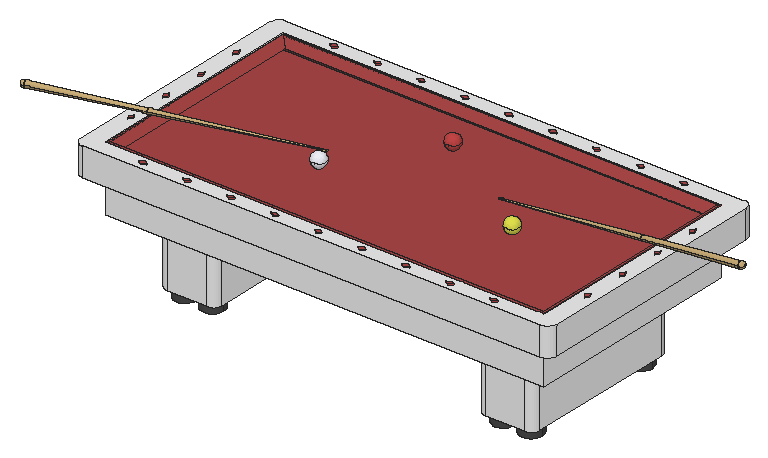
Revit family "RYN_FUR_BilliardBoard", category Generic Models, Revit 2025
Family settings
  Can host rebar = No
  Round Connector Dimension = Use Diameter
  Part Type = Normal
  Work Plane-Based = No
  Always vertical = Yes
  Cut with Voids When Loaded = No
  Maintain Annotation Orientation = No
  Shared = No
  Room Calculation Point = No
Parameters
  myf = ""
  Default Elevation = 0 mm
Reference planes
  plane 1 "Center (Front/Back)": y = 0
  plane 2: z = 0
  plane 3 "Center (Left/Right)": x = 0
  plane 4: y = -590
  plane 5: y = 590
  plane 6: x = -1170
  plane 7: x = 1170
  plane 8: x = -1270
  plane 9: x = 1270
  plane 10: y = -680
  plane 11: y = 680
  plane 12: x = -700
  plane 13: x = 700
  plane 14: x = -1000
  plane 15: x = 1000
  plane 16: y = 450
  plane 17: y = -450
  plane 18: x = -850
  plane 19: x = 850
  plane 20: x = -234
Forms (mm)
  Extrusion 1, solid, material "Pool table"
    sketch origin (0, 0, 0) x (1, 0, 0) y (0, 1, 0)
      loop
        arc (-1220, 680) -> (-1255.355, 665.355) -> (-1270, 630) r 50
        line (-1270, 630) -> (-1270, -630)
        arc (-1270, -630) -> (-1255.355, -665.355) -> (-1220, -680) r 50
        line (-1220, -680) -> (1220, -680)
        arc (1220, -680) -> (1255.355, -665.355) -> (1270, -630) r 50
        line (1270, -630) -> (1270, 630)
        arc (1270, 630) -> (1255.355, 665.355) -> (1220, 680) r 50
        line (1220, 680) -> (-1220, 680)
      loop
        line (1170, 590) -> (-1170, 590) -> (-1170, -590) -> (1170, -590) -> (1170, 590)
    from 600 to 750
  Extrusion 2, solid, material "pano billar"
    sketch origin (0, 0, 0) x (1, 0, 0) y (0, 1, 0)
      loop
        line (-1170, -590) -> (1170, -590) -> (1170, 590) -> (-1170, 590) -> (-1170, -590)
    from 650 to 680
  Sweep 3, solid, material "pano billar"
    path in 3D
      loop
        line (-1170, 590, 750) -> (1170, 590, 750) -> (1170, -590, 750) -> (-1170, -590, 750) -> (-1170, 590, 750)
    profile origin (-1170, 0, 750) x (-1, 0, 0) y (0, 0, 1)
      loop
        line (0, 0) -> (-10, 0) -> (-52.498, -35) -> (-10, -70) -> (0, -70) -> (0, 0)
  Extrusion 4, solid, material "Pool table"
    sketch origin (0, 0, 0) x (1, 0, 0) y (0, 1, 0)
      loop
        arc (-955, 450) -> (-986.82, 436.82) -> (-1000, 405) r 45
        line (-1000, 405) -> (-1000, -405)
        arc (-1000, -405) -> (-986.82, -436.82) -> (-955, -450) r 45
        line (-955, -450) -> (-745, -450)
        arc (-745, -450) -> (-713.18, -436.82) -> (-700, -405) r 45
        line (-700, -405) -> (-700, 405)
        arc (-700, 405) -> (-713.18, 436.82) -> (-745, 450) r 45
        line (-745, 450) -> (-955, 450)
    from 50 to 450
  Extrusion 5, solid, material "Pool table"
    sketch origin (1700, 0, 0) x (1, 0, 0) y (0, 1, 0)
      loop
        arc (-955, 450) -> (-986.82, 436.82) -> (-1000, 405) r 45
        line (-1000, 405) -> (-1000, -405)
        arc (-1000, -405) -> (-986.82, -436.82) -> (-955, -450) r 45
        line (-955, -450) -> (-745, -450)
        arc (-745, -450) -> (-713.18, -436.82) -> (-700, -405) r 45
        line (-700, -405) -> (-700, 405)
        arc (-700, 405) -> (-713.18, 436.82) -> (-745, 450) r 45
        line (-745, 450) -> (-955, 450)
    from 50 to 450
  Extrusion 6, solid, material "caucho pata n"
    sketch origin (0, 0, 0) x (1, 0, 0) y (0, 1, 0)
      loop
        circle (-922.479, 367.84) r 60
    from 0 to 50
  Extrusion 7, solid, material "caucho pata n"
    sketch origin (-1700, 0, 0) x (-1, 0, 0) y (0, -1, 0)
      loop
        circle (-922.479, -367.84) r 60
    from 0 to 50
  Extrusion 8, solid, material "caucho pata n"
    sketch origin (0, 0, 0) x (1, 0, 0) y (0, 1, 0)
      loop
        circle (-922.479, -367.84) r 60
    from 0 to 50
  Extrusion 9, solid, material "caucho pata n"
    sketch origin (-1700, 0, 0) x (-1, 0, 0) y (0, -1, 0)
      loop
        circle (-922.479, 367.84) r 60
    from 0 to 50
  Extrusion 10, solid, material "caucho pata n"
    sketch origin (1700, 0, 0) x (1, 0, 0) y (0, 1, 0)
      loop
        circle (-922.479, 367.84) r 60
    from 0 to 50
  Extrusion 11, solid, material "caucho pata n"
    sketch origin (0, 0, 0) x (-1, 0, 0) y (0, -1, 0)
      loop
        circle (-922.479, -367.84) r 60
    from 0 to 50
  Extrusion 12, solid, material "caucho pata n"
    sketch origin (1700, 0, 0) x (1, 0, 0) y (0, 1, 0)
      loop
        circle (-922.479, -367.84) r 60
    from 0 to 50
  Extrusion 13, solid, material "caucho pata n"
    sketch origin (0, 0, 0) x (-1, 0, 0) y (0, -1, 0)
      loop
        circle (-922.479, 367.84) r 60
    from 0 to 50
  Extrusion 14, solid, material "Pool table"
    sketch origin (0, 0, 0) x (1, 0, 0) y (0, 1, 0)
      loop
        line (-1170, 590) -> (-1170, -590) -> (1170, -590) -> (1170, 590) -> (-1170, 590)
      loop
        line (-1117.502, 537.502) -> (-1117.502, -537.502) -> (1117.502, -537.502) -> (1117.502, 537.502) -> (-1117.502, 537.502)
    from 400 to 650
  Extrusion 15, solid, material "Pool table"
    sketch origin (0, 0, 0) x (1, 0, 0) y (0, 1, 0)
      loop
        line (-1117.502, 537.502) -> (-1117.502, -537.502) -> (1117.502, -537.502) -> (1117.502, 537.502) -> (-1117.502, 537.502)
    from 450 to 550
  Revolve 16, solid, material "bola roja"
    sketch origin (707.632, 0, 717.052) x (1, 0, 0) y (0, 1, 0)
      loop
        arc (-784.1, 396.922) -> (-821.6, 359.422) -> (-784.1, 321.922) r 37.5
        line (-784.1, 321.922) -> (-784.1, 396.922)
      axis (-784.1, 396.922) -> (-784.1, 321.922)
    angle from 0 to 360
  Revolve 17, solid, material "bola blanca"
    sketch origin (366.716, -469.23, 717.052) x (1, 0, 0) y (0, 1, 0)
      loop
        arc (-784.1, 396.922) -> (-821.6, 359.422) -> (-784.1, 321.922) r 37.5
        line (-784.1, 321.922) -> (-784.1, 396.922)
      axis (-784.1, 396.922) -> (-784.1, 321.922)
    angle from 0 to 360
  Revolve 18, solid, material "bola amarilla"
    sketch origin (1344.329, -400.869, 717.052) x (1, 0, 0) y (0, 1, 0)
      loop
        arc (-784.1, 396.922) -> (-821.6, 359.422) -> (-784.1, 321.922) r 37.5
        line (-784.1, 321.922) -> (-784.1, 396.922)
      axis (-784.1, 396.922) -> (-784.1, 321.922)
    angle from 0 to 360
  Revolve 19, solid, material "clue"
    sketch origin (-39.594, 0, 666.304) x (0.994522, 0, 0.104528) y (0, 1, 0)
      loop
        line (406.591, 113.706) -> (1726.591, 113.706) -> (1726.591, 116.855)
        arc (1726.591, 116.855) -> (1719.984, 126.755) -> (1708.779, 130.771) r 18.971
        line (1708.779, 130.771) -> (1708.779, 120.771) -> (1705.154, 130.731) -> (1180.316, 124.869) -> (1180.316, 117.882) -> (1178.815, 117.882) -> (1178.815, 124.853) -> (409.242, 116.258) -> (409.242, 114.461) -> (408.384, 114.461) -> (408.384, 116.249) -> (406.591, 116.229) -> (406.591, 113.706)
      axis (406.591, 113.706) -> (1726.591, 113.706)
    angle from 0 to 360
  Revolve 20, solid, material "clue"
    sketch origin (-49.537, 79.212, 643.754) x (-0.887173, -0.442875, 0.129562) y (0.44664, -0.894714, 0)
      loop
        line (406.591, -113.706) -> (406.591, -116.229) -> (408.384, -116.249) -> (408.384, -114.461) -> (409.242, -114.461) -> (409.242, -116.258) -> (1178.815, -124.853) -> (1178.815, -117.882) -> (1180.316, -117.882) -> (1180.316, -124.869) -> (1705.154, -130.731) -> (1708.779, -120.771) -> (1708.779, -130.771)
        arc (1708.779, -130.771) -> (1719.984, -126.755) -> (1726.591, -116.855) r 18.971
        line (1726.591, -116.855) -> (1726.591, -113.706) -> (406.591, -113.706)
      axis (406.591, -113.706) -> (1726.591, -113.706)
    angle from 0 to 360
  Extrusion 21, solid, material "pano billar"
    sketch origin (0, 0, 0) x (1, 0, 0) y (0, 1, 0)
      loop
        line (0, 650) -> (-20.479, 635.661) -> (0, 623.837) -> (20.479, 635.661) -> (0, 650)
    from 750 to 753
  Extrusion 22, solid, material "pano billar"
    sketch origin (-234, 0, 0) x (1, 0, 0) y (0, 1, 0)
      loop
        line (0, 650) -> (-20.479, 635.661) -> (0, 623.837) -> (20.479, 635.661) -> (0, 650)
    from 750 to 753
  Extrusion 23, solid, material "pano billar"
    sketch origin (-468, 0, 0) x (1, 0, 0) y (0, 1, 0)
      loop
        line (0, 650) -> (-20.479, 635.661) -> (0, 623.837) -> (20.479, 635.661) -> (0, 650)
    from 750 to 753
  Extrusion 24, solid, material "pano billar"
    sketch origin (-702, 0, 0) x (1, 0, 0) y (0, 1, 0)
      loop
        line (0, 650) -> (-20.479, 635.661) -> (0, 623.837) -> (20.479, 635.661) -> (0, 650)
    from 750 to 753
  Extrusion 25, solid, material "pano billar"
    sketch origin (-936, 0, 0) x (1, 0, 0) y (0, 1, 0)
      loop
        line (0, 650) -> (-20.479, 635.661) -> (0, 623.837) -> (20.479, 635.661) -> (0, 650)
    from 750 to 753
  Extrusion 26, solid, material "pano billar"
    sketch origin (936, 0, 0) x (1, 0, 0) y (0, 1, 0)
      loop
        line (0, 650) -> (-20.479, 635.661) -> (0, 623.837) -> (20.479, 635.661) -> (0, 650)
    from 750 to 753
  Extrusion 27, solid, material "pano billar"
    sketch origin (702, 0, 0) x (1, 0, 0) y (0, 1, 0)
      loop
        line (0, 650) -> (-20.479, 635.661) -> (0, 623.837) -> (20.479, 635.661) -> (0, 650)
    from 750 to 753
  Extrusion 28, solid, material "pano billar"
    sketch origin (468, 0, 0) x (1, 0, 0) y (0, 1, 0)
      loop
        line (0, 650) -> (-20.479, 635.661) -> (0, 623.837) -> (20.479, 635.661) -> (0, 650)
    from 750 to 753
  Extrusion 29, solid, material "pano billar"
    sketch origin (234, 0, 0) x (1, 0, 0) y (0, 1, 0)
      loop
        line (0, 650) -> (-20.479, 635.661) -> (0, 623.837) -> (20.479, 635.661) -> (0, 650)
    from 750 to 753
  Extrusion 30, solid, material "pano billar"
    sketch origin (0, 0, 0) x (1, 0, 0) y (0, 1, 0)
      loop
        line (0, -650) -> (20.479, -635.661) -> (0, -623.837) -> (-20.479, -635.661) -> (0, -650)
    from 750 to 753
  Extrusion 31, solid, material "pano billar"
    sketch origin (-234, 0, 0) x (1, 0, 0) y (0, 1, 0)
      loop
        line (0, -650) -> (20.479, -635.661) -> (0, -623.837) -> (-20.479, -635.661) -> (0, -650)
    from 750 to 753
  Extrusion 32, solid, material "pano billar"
    sketch origin (-468, 0, 0) x (1, 0, 0) y (0, 1, 0)
      loop
        line (0, -650) -> (20.479, -635.661) -> (0, -623.837) -> (-20.479, -635.661) -> (0, -650)
    from 750 to 753
  Extrusion 33, solid, material "pano billar"
    sketch origin (-702, 0, 0) x (1, 0, 0) y (0, 1, 0)
      loop
        line (0, -650) -> (20.479, -635.661) -> (0, -623.837) -> (-20.479, -635.661) -> (0, -650)
    from 750 to 753
  Extrusion 34, solid, material "pano billar"
    sketch origin (-936, 0, 0) x (1, 0, 0) y (0, 1, 0)
      loop
        line (0, -650) -> (20.479, -635.661) -> (0, -623.837) -> (-20.479, -635.661) -> (0, -650)
    from 750 to 753
  Extrusion 35, solid, material "pano billar"
    sketch origin (936, 0, 0) x (1, 0, 0) y (0, 1, 0)
      loop
        line (0, -650) -> (20.479, -635.661) -> (0, -623.837) -> (-20.479, -635.661) -> (0, -650)
    from 750 to 753
  Extrusion 36, solid, material "pano billar"
    sketch origin (702, 0, 0) x (1, 0, 0) y (0, 1, 0)
      loop
        line (0, -650) -> (20.479, -635.661) -> (0, -623.837) -> (-20.479, -635.661) -> (0, -650)
    from 750 to 753
  Extrusion 37, solid, material "pano billar"
    sketch origin (468, 0, 0) x (1, 0, 0) y (0, 1, 0)
      loop
        line (0, -650) -> (20.479, -635.661) -> (0, -623.837) -> (-20.479, -635.661) -> (0, -650)
    from 750 to 753
  Extrusion 38, solid, material "pano billar"
    sketch origin (234, 0, 0) x (1, 0, 0) y (0, 1, 0)
      loop
        line (0, -650) -> (20.479, -635.661) -> (0, -623.837) -> (-20.479, -635.661) -> (0, -650)
    from 750 to 753
  Extrusion 39, solid, material "pano billar"
    sketch origin (-1854.275, 340.245, 0) x (0, 1, 0) y (-1, 0, 0)
      loop
        line (0, -650) -> (20.479, -635.661) -> (0, -623.837) -> (-20.479, -635.661) -> (0, -650)
    from 750 to 753
  Extrusion 40, solid, material "pano billar"
    sketch origin (-1854.275, 106.245, 0) x (0, 1, 0) y (-1, 0, 0)
      loop
        line (0, -650) -> (20.479, -635.661) -> (0, -623.837) -> (-20.479, -635.661) -> (0, -650)
    from 750 to 753
  Extrusion 41, solid, material "pano billar"
    sketch origin (-1854.275, -127.755, 0) x (0, 1, 0) y (-1, 0, 0)
      loop
        line (0, -650) -> (20.479, -635.661) -> (0, -623.837) -> (-20.479, -635.661) -> (0, -650)
    from 750 to 753
  Extrusion 42, solid, material "pano billar"
    sketch origin (-1854.275, -361.755, 0) x (0, 1, 0) y (-1, 0, 0)
      loop
        line (0, -650) -> (20.479, -635.661) -> (0, -623.837) -> (-20.479, -635.661) -> (0, -650)
    from 750 to 753
  Extrusion 43, solid, material "pano billar"
    sketch origin (1854.275, 340.245, 0) x (0, 1, 0) y (-1, 0, 0)
      loop
        line (0, 650) -> (-20.479, 635.661) -> (0, 623.837) -> (20.479, 635.661) -> (0, 650)
    from 750 to 753
  Extrusion 44, solid, material "pano billar"
    sketch origin (1854.275, 106.245, 0) x (0, 1, 0) y (-1, 0, 0)
      loop
        line (0, 650) -> (-20.479, 635.661) -> (0, 623.837) -> (20.479, 635.661) -> (0, 650)
    from 750 to 753
  Extrusion 45, solid, material "pano billar"
    sketch origin (1854.275, -127.755, 0) x (0, 1, 0) y (-1, 0, 0)
      loop
        line (0, 650) -> (-20.479, 635.661) -> (0, 623.837) -> (20.479, 635.661) -> (0, 650)
    from 750 to 753
  Extrusion 46, solid, material "pano billar"
    sketch origin (1854.275, -361.755, 0) x (0, 1, 0) y (-1, 0, 0)
      loop
        line (0, 650) -> (-20.479, 635.661) -> (0, 623.837) -> (20.479, 635.661) -> (0, 650)
    from 750 to 753
Lines and regions (mm)
  sketch lines
    curve 1: line (-1170, -590, 750) -> (-1170, 590, 750)
    curve 2: line (-1170, 590, 750) -> (1170, 590, 750)
    curve 3: line (1170, 590, 750) -> (1170, -590, 750)
    curve 4: line (1170, -590, 750) -> (-1170, -590, 750)
Dimensions and locks
  Extrusion 1 to level = 750 mm
  plane 6 to plane 3 "Center (Left/Right)" = 1170 mm
